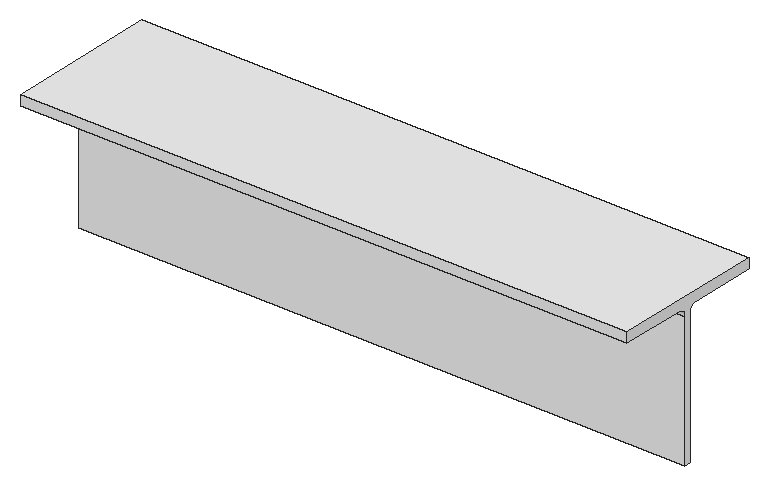
Revit family
Parameters (values of type "305x305x75UBT")
  시작 확장 계산 [instance] = 3012.5 mm + 시작 확장  # 3000 mm
  시작 확장 [instance] = -12.5 mm
  끝 확장 계산 [instance] = 3012.5 mm + 끝 확장  # 3000 mm
  끝 확장 [instance] = -12.5 mm
  보 재료 [instance] = 금속 - 스틸 - 345 MPa
  Assembly Code = ""
  A = 0.01 m²
  Ix = 7415
  Length [instance] = 1524 mm
  M = 74.6
  Zx = 1150
  b = 306.1 mm
  h = 304.8 mm
  r = 16.5 mm
  s = 11.8 mm
  t = 19.7 mm
Reference planes
  plane 1 "중심(앞/뒤)": y = 0
  plane 2: z = 0
  plane 3 "중심(왼쪽/오른쪽)": x = 4.61
  plane 4 "왼쪽 부재": x = -604.99
  plane 5 "오른쪽 부재": x = 614.21
  plane 6: y = 153.05
  plane 7: y = -153.05
  plane 8 "상단": z = 152.4
  plane 9: z = -152.4
  plane 10 "왼쪽": x = -757.39
  plane 11 "오른쪽": x = 766.61
  plane 12: x = -604.99
  plane 13: x = 614.21
  plane 14: x = 2395.01
  plane 15: x = -2385.79
Forms (mm)
  Sweep 1, solid, material "금속 - 스틸 - 345 MPa" <- "보 재료", detail levels medium
    path origin (0, 0, 0) x (1, 0, 0) y (0, 1, 0)
      loop
        line (614.21, 0) -> (-604.99, 0)
    profile "M_구조 T자형-프로파일-중간 : M_구조 T자형-프로파일-중간" origin (4.61, 0, 0) x (0, -1, 0) y (0, 0, 1)
      loop
        line (-153.05, 152.4) -> (-153.05, 132.7) -> (-5.9, 132.7) -> (-5.9, -152.4) -> (5.9, -152.4) -> (5.9, 132.7) -> (153.05, 132.7) -> (153.05, 152.4) -> (-153.05, 152.4)
  Sweep 2, solid, material "금속 - 스틸 - 345 MPa" <- "보 재료", detail levels fine
    path origin (0, 0, 0) x (1, 0, 0) y (0, 1, 0)
      loop
        line (614.21, 0) -> (-604.99, 0)
    profile "M_구조 T자형-프로파일-섬세 : M_구조 T자형-프로파일-섬세" origin (4.61, 0, 0) x (0, -1, 0) y (0, 0, 1)
      loop
        line (-153.05, 152.4) -> (-153.05, 132.7) -> (-22.4, 132.7)
        arc (-22.4, 132.7) -> (-10.733, 127.867) -> (-5.9, 116.2) r 16.5
        line (-5.9, 116.2) -> (-5.9, -152.4) -> (5.9, -152.4) -> (5.9, 116.2)
        arc (5.9, 116.2) -> (10.733, 127.867) -> (22.4, 132.7) r 16.5
        line (22.4, 132.7) -> (153.05, 132.7) -> (153.05, 152.4) -> (-153.05, 152.4)
Lines and regions (mm)
  symbolic lines, style "숨겨진 면", detail levels medium+fine
    curve 1: line (614.21, -5.9, 0) -> (-604.99, -5.9, 0)
    curve 2: line (614.21, 5.9, 0) -> (-604.99, 5.9, 0)
  symbolic lines, style "기호 부착", detail levels coarse
    curve 3: line (4.61, 153.05, 152.4) -> (4.61, -153.05, 152.4)
    curve 4: line (4.61, 0, 152.4) -> (4.61, 0, -152.4)
Dimensions and locks
  "b": plane 6 to plane 7
  "h": plane 9 to plane 8 "상단"
  equal spacing: plane 9, plane 2, plane 8 "상단"
  equal spacing: plane 6, plane 1 "중심(앞/뒤)", plane 7
  "Length": plane 10 "왼쪽" to plane 11 "오른쪽"
  locked: plane 15 to plane 5 "오른쪽 부재" at 3000
  locked: plane 4 "왼쪽 부재" to plane 14 at 3000
  "끝 확장 계산": plane 15 to plane 13
  "시작 확장 계산": plane 12 to plane 14
  aligned and locked: Sweep 1 sketch curve to plane 1 "중심(앞/뒤)"
  aligned and locked: Sweep 2 sketch curve to plane 1 "중심(앞/뒤)"
  aligned and locked: Sweep 2 to curve 3  (x2)
  aligned and locked: curve 4 to Sweep 1
  aligned and locked: curve 3 to Sweep 2
  aligned and locked: plane 12 to Sweep 2 sketch curve
  aligned and locked: plane 13 to Sweep 2 sketch curve
  aligned and locked: plane 12 to Sweep 1 sketch curve
  aligned and locked: plane 13 to Sweep 1 sketch curve
Automatic sketch dimensions
  curve 1 to plane 4 "왼쪽 부재" = 0 mm
  curve 2 to plane 4 "왼쪽 부재" = 0 mm
  curve 2 to plane 5 "오른쪽 부재" = 0 mm
  curve 1 to plane 5 "오른쪽 부재" = 0 mm
  plane 1 "중심(앞/뒤)" to curve 1 = 5.9 mm
  curve 2 to plane 1 "중심(앞/뒤)" = 5.9 mm
  curve 4 to plane 1 "중심(앞/뒤)" = 0 mm
